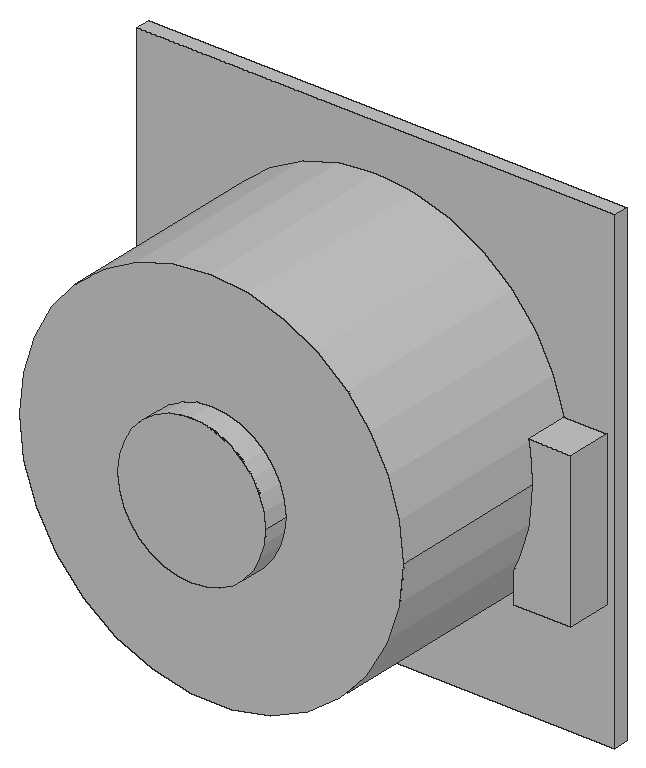
Revit family "ef_eg-20_40ysxc2_a(t)sxc2_b(t)sxc2_d(t)sxc2_csxc2_60Hz", category 機械設備, Revit 2019
Family settings
  丸型コネクタ寸法 = 直径を使用
  パーツ タイプ = 標準
  OmniClass 番号 = 23.75.35.21.17
  OmniClass タイトル = Industrial Ventilating Equipment
  作業面ベース = いいえ
  常に垂直 = はい
  ロード時にボイドで切り取り = はい
  共有 = いいえ
  部屋計算ポイント = はい
Parameters (values of type "EF-20YSXC2")
  騒音レベル(dB(A)) [instance] = 36.5
  風量 [instance] = 設計風量  # 0.0 m³/h
  電源種別 [instance] = ""
  電圧 = 100 V
  電動機出力 = 15 W
  電動機_種別 [instance] = ""
  運転質量 = 0.00 kg
  連動 [instance] = ""
  質量 = if(製品質量 > 運転質量, 製品質量, 運転質量) * 1.2  # 4.32 kg
  負荷分類 = 3_ファン類
  説明 = "産業用有圧換気扇 低騒音形ステンレスタイプ オールステンレスタイプ 排気専用"
  設計風量 [instance] = 0.0 m³/h
  設置方法 = "壁付"
  記号 [instance] = ""
  製造元 = "三菱電機株式会社"
  製品質量 = 3.60 kg
  製品出荷対象 = "国内"
  製品リリース年月 = "2022年6月1日"
  製品グループ = ""
  羽根径 = "∅200"
  レグ_Depth = 147.5 mm
  系統 [instance] = ""
  符号 [instance] = if(☑給気／□排気, "FS", "FE")  # "FE"
  積算_科目 = ""
  積算_拾い区分 [instance] = ""
  相 = 1
  盤記号 [instance] = ""
  盤工事区分 = ""
  発停方法 [instance] = ""
  特殊仕様 [instance] = ""
  火災停止 [instance] = ""
  消費電力 = 28 W
  法定耐用年数 = "15"
  極数 = 2
  極 = 4
  材質 [instance] = ""
  操作・制御方式 = ""
  操作・制御スイッチ = ""
  排気量 [instance] = if(☑給気／□排気, 0.0 m³/h, 設計風量)  # 0.0 m³/h
  形式 = ""
  幹線記号 [instance] = ""
  対象室 [instance] = ""
  実風量 [instance] = 0.0 m³/h
  始動方式 [instance] = "直入"
  外気量 [instance] = if(☑給気／□排気, 設計風量, 0.0 m³/h)  # 0.0 m³/h
  呼称 = "有圧扇"
  周波数 = 60 Hz
  参照している仕様書等のバージョン = ""
  分類コード = "50052503100110"
  分類グループ = ""
  価格 = 136000
  企業コード = "108420"
  付属品_防振装置 = ""
  付属品 [instance] = ""
  仕様書バージョン = "Version1.0"
  レグ_Width = 413 mm
  レグ_Height = 413 mm
  モーター径 = 99 mm
  モデル = "EF-20YSXC2"
  ボックス_Width = 38.1 mm
  ボックス_Height = 102.6 mm
  ボックス_Depth = 39.8 mm
  フレームの厚さ = 10 mm
  ファンの種類 = "軸流羽根"
  コメント [instance] = ""
  Keynote = ""
  オリフィス_Depth = 45 mm
  ☑給気／□排気 [instance] = no
  Width = 320 mm
  Version = ""
  Uniclass2015Version = "Systems v1.9"
  Uniclass2015Title = "Propeller fans"
  Uniclass2015Code = "Pr_65_67_29_67"
  URL = "https://www.mitsubishielectric.co.jp/ldg/wink/ssl/displayProduct.do?pid=319140"
  SpecificationReference = ""
  SpecificationDescription = ""
  Revision = ""
  ProductInformation = ""
  OmniClassCode = "23-33 31 19 11 17"
  MIN風量 = 0.0 m³/h
  MID風量 = 0.0 m³/h
  MAX風量 = 780.0 m³/h
  IfcTypeProduct = ""
  IfcProduct = ""
  IfcExportType = "TUBEAXIAL"
  IfcExportAs = "IfcFanType"
  Height = 320 mm
  オリフィス径 = 257 mm
  Depth = 164 mm
  Box_W = 116.5 mm
  Box_H = 84.2 mm
  Author = "三菱電機株式会社"
Types (11, lengths in mm): name | 騒音レベル(dB(A)) | 電圧 | 電動機出力 | 質量 | 製品質量 | 羽根径 | レグ_Depth | 相 | 消費電力 | 極数 | 極 | 価格 | モーター径 | モデル | ボックス_Width | ボックス_Height | ボックス_Depth | Width | URL | MAX風量 | Height | オリフィス径 | Depth | Box_W | Box_H
  EF-20YSXC2 | 36.5 | 100 V | 15 W | 4.32 kg | 3.60 kg | "∅200" | 147.5 | 1 | 28 W | 2 | 4 | 136000 | 99 | "EF-20YSXC2" | 38.1 | 102.6 | 39.8 | 320 | "https://www.mitsubishielectric.co.jp/ldg/wink/ssl/displayProduct.do?pid=319140" | 780.0 m³/h | 320 | 257 | 164 | 116.5 | 84.2
  EF-25ASXC2 | 39.5 | 100 V | 25 W | 5.28 kg | 4.40 kg | "∅250" | 147.5 | 1 | 49 W | 2 | 4 | 139000 | 99 | "EF-25ASXC2" | 46.1 | 130.6 | 44.8 | 370 | "https://www.mitsubishielectric.co.jp/ldg/wink/ssl/displayProduct.do?pid=319143" | 1260.0 m³/h | 370 | 298 | 164 | 137 | 83.2
  EF-30BSXC2 | 43 | 100 V | 50 W | 6.48 kg | 5.40 kg | "∅300" | 147.5 | 1 | 73 W | 2 | 4 | 188000 | 99 | "EF-30BSXC2" | 46.1 | 130.6 | 44.8 | 420 | "https://www.mitsubishielectric.co.jp/ldg/wink/ssl/displayProduct.do?pid=319154" | 1980.0 m³/h | 420 | 348 | 164 | 162 | 108.2
  EF-40DSXC2 | 53.5 | 100 V | 200 W | 15.00 kg | 12.50 kg | "∅400" | 198.5 | 1 | 190 W | 2 | 4 | 234000 | 113 | "EF-40DSXC2" | 46.7 | 131.4 | 57.8 | 520 | "https://www.mitsubishielectric.co.jp/ldg/wink/ssl/displayProduct.do?pid=318475" | 4360.0 m³/h | 520 | 476 | 225 | 213.3 | 184.8
  EG-40CSXC2 | 44 | 100 V | 100 W | 15.00 kg | 12.50 kg | "∅400" | 212.9 | 1 | 118 W | 2 | 6 | 223000 | 113 | "EG-40CSXC2" | 46.7 | 131.4 | 57.8 | 520 | "https://www.mitsubishielectric.co.jp/ldg/wink/ssl/displayProduct.do?pid=318585" | 3660.0 m³/h | 520 | 476 | 249 | 213.3 | 184.8
  EF-25ATXC2_200V | 40.5 | 200 V | 25 W | 5.76 kg | 4.80 kg | "∅250" | 147.5 | 3 | 40 W | 3 | 4 | 139000 | 99 | "EF-25ATXC2" | 46.1 | 130.6 | 44.8 | 370 | "https://www.mitsubishielectric.co.jp/ldg/wink/ssl/displayProduct.do?pid=319146" | 1260.0 m³/h | 370 | 298 | 164 | 137 | 83.2
  EF-30BTXC2_200V | 43 | 200 V | 50 W | 6.60 kg | 5.50 kg | "∅300" | 147.5 | 3 | 65 W | 3 | 4 | 188000 | 99 | "EF-30BTXC2" | 46.1 | 130.6 | 44.8 | 420 | "https://www.mitsubishielectric.co.jp/ldg/wink/ssl/displayProduct.do?pid=319160" | 1980.0 m³/h | 420 | 348 | 164 | 162 | 108.2
  EF-40DTXC2_200V | 53.5 | 200 V | 200 W | 15.00 kg | 12.50 kg | "∅400" | 198.5 | 3 | 175 W | 3 | 4 | 234000 | 113 | "EF-40DTXC2" | 46.7 | 131.4 | 57.8 | 520 | "https://www.mitsubishielectric.co.jp/ldg/wink/ssl/displayProduct.do?pid=318481" | 4360.0 m³/h | 520 | 476 | 225 | 213.3 | 184.8
  EF-25ATXC2_220V | 40.5 | 220 V | 25 W | 5.76 kg | 4.80 kg | "∅250" | 147.5 | 3 | 42 W | 3 | 4 | 139000 | 99 | "EF-25ATXC2" | 46.1 | 130.6 | 44.8 | 370 | "https://www.mitsubishielectric.co.jp/ldg/wink/ssl/displayProduct.do?pid=319146" | 1260.0 m³/h | 370 | 298 | 164 | 137 | 83.2
  EF-30BTXC2_220V | 44 | 220 V | 50 W | 6.60 kg | 5.50 kg | "∅300" | 147.5 | 3 | 72 W | 3 | 4 | 188000 | 99 | "EF-30BTXC2" | 46.1 | 130.6 | 44.8 | 420 | "https://www.mitsubishielectric.co.jp/ldg/wink/ssl/displayProduct.do?pid=319160" | 1980.0 m³/h | 420 | 348 | 164 | 162 | 108.2
  EF-40DTXC2_220V | 53.5 | 220 V | 200 W | 15.00 kg | 12.50 kg | "∅400" | 198.5 | 3 | 190 W | 3 | 4 | 234000 | 113 | "EF-40DTXC2" | 46.7 | 131.4 | 57.8 | 520 | "https://www.mitsubishielectric.co.jp/ldg/wink/ssl/displayProduct.do?pid=318481" | 4360.0 m³/h | 520 | 476 | 225 | 213.3 | 184.8
Reference planes
  plane 1 "中心(正面/背面)": y = 0
  plane 2: z = 0
  plane 3 "中心(左/右)": x = 0
  plane 4: z = 0
  plane 5: through (212.832, -1524, 243.759) normal (-0.6508, 0, -0.7593)
  plane 6: through (-212.884, -1524, -243.751) normal (0.6508, 0, 0.7593)
  plane 7: through (208.307, -1524, -247.63) normal (-0.6508, 0, 0.7593)
  plane 8: z = 160
  plane 9: z = -160
  plane 10 "左": x = -160
  plane 11 "右": x = 160
  plane 12 "正面": y = -164
  plane 13: y = -10
  plane 14: through (-208.307, -1524, -247.63) normal (-0.6508, 0, -0.7593)
  plane 15: y = 86
  plane 16: y = 186
  plane 17: x = -250
  plane 18: x = 250
  plane 19: y = -39.8
  plane 20: y = -147.5
  plane 21: x = 116.5
  plane 22: x = 154.6
  plane 23: z = 26.8
  plane 24: z = -75.8
Forms (mm)
  Extrusion 1, solid, detail levels fine
    sketch origin (0, 0, 0) x (1, 0, 0) y (0, 1, 0)
      loop
        line (-160, 0) -> (-160, -10) -> (160, -10) -> (160, 0) -> (-160, 0)
    from -160 to 160
  Extrusion 2, solid, detail levels fine
    sketch origin (140, -23.659, 0) x (-1, 0, 0) y (0, 0, -1)
      loop
        circle (140, 0) r 49.5
    from 123.841 to 140.341
  Extrusion 3, solid
    sketch origin (0, -153.783, 0) x (1, 0, 0) y (0, 0, 1)
      loop
        circle (0, 0) r 128.5
    from -143.783 to -6.283
  Extrusion 4, solid
    sketch origin (0, -164, 0) x (0, 0, -1) y (1, 0, 0)
      loop
        line (-26.8, 116.5) -> (75.8, 116.5) -> (75.8, 154.6) -> (-26.8, 154.6) -> (-26.8, 116.5)
    from -154 to -124.2
Cuts and joins
  joined: Extrusion 3, Extrusion 4
Lines and regions (mm)
  Masking region 1, detail levels coarse+medium
    outline origin (0, 0, 0) x (1, 0, 0) y (0, 1, 0)
      loop
        line (-250, -164) -> (250, -164) -> (250, 86) -> (-250, 86) -> (-250, -164)
  Masking region 2, detail levels coarse+medium
    outline origin (0, 0, 0) x (1, 0, 0) y (0, 1, 0)
      loop
        line (-124, 86) -> (124, 86) -> (124, 186) -> (-124, 186) -> (-124, 86)
  symbolic lines, detail levels coarse+medium
    curve 1: circle (124, -163.5, 0) r 115 normal (0, 0, 1)
    curve 2: circle (-124, -163.5, 0) r 115 normal (0, 0, -1)
Dimensions and locks
  level to plane 4 = 0 mm
  equal spacing: plane 8, level, plane 9
  "Depth": plane 12 "正面" to plane 1 "中心(正面/背面)"  (x2)
  "Width": plane 10 "左" to plane 11 "右"
  "Height": plane 8 to plane 9
  "フレームの厚さ": plane 13 to plane 1 "中心(正面/背面)"
  plane 12 "正面" to plane 15 to plane 16 = 250 mm locked, 100 mm locked
  locked: plane 17 to plane 18 at 500
  "レグ_Depth": plane 1 "中心(正面/背面)" to plane 20
  equal spacing: plane 10 "左", plane 3 "中心(左/右)", plane 11 "右"
  "ボックス_Width": plane 22 to plane 21
  "ボックス_Height": plane 23 to plane 24
  "Box_H": plane 24 to plane 9
  "Box_W": plane 21 to plane 3 "中心(左/右)"
  "ボックス_Depth": plane 1 "中心(正面/背面)" to plane 19
  "オリフィス径": diameter of Extrusion 3 sketch curve
  "モーター径": diameter of Extrusion 2 sketch curve
  aligned and locked: level to plane 2
  aligned and locked: Extrusion 1 to plane 8
  aligned and locked: plane 10 "左" to Extrusion 1
  aligned and locked: Extrusion 1 to plane 11 "右"
  aligned and locked: plane 9 to Extrusion 1
  aligned and locked: Extrusion 1 to plane 13
  aligned and locked: Extrusion 1 to plane 1 "中心(正面/背面)"  (x5)
  aligned and locked: plane 12 "正面" to Extrusion 2
  aligned and locked: plane 1 "中心(正面/背面)" to Extrusion 1  (x2)
  aligned and locked: plane 4 to Extrusion 2 sketch curve
  aligned and locked: plane 12 "正面" to Masking region 1 sketch curve
  aligned and locked: Masking region 1 sketch curve to plane 17
  aligned and locked: plane 15 to Masking region 1 sketch curve
  aligned and locked: plane 18 to Masking region 1 sketch curve
  aligned and locked: Masking region 2 sketch curve to plane 15
  aligned and locked: plane 16 to Masking region 2 sketch curve
  aligned and locked: Extrusion 3 to Extrusion 1
  aligned and locked: plane 20 to Extrusion 2
  aligned and locked: Extrusion 3 to plane 20
  aligned and locked: Extrusion 4 sketch curve to plane 23
  aligned and locked: plane 21 to Extrusion 4 sketch curve
  aligned and locked: plane 24 to Extrusion 4 sketch curve
  aligned and locked: Extrusion 4 sketch curve to plane 22
  aligned and locked: plane 13 to Extrusion 4
  aligned and locked: Extrusion 4 to plane 19
Automatic sketch dimensions
  Extrusion 1 sketch curve to plane 10 "左" = 0 mm
  Extrusion 1 sketch curve to plane 11 "右" = 0 mm
  Extrusion 1 sketch curve to plane 13 = 0 mm
  plane 1 "中心(正面/背面)" to Extrusion 1 sketch curve = 0 mm
  Extrusion 3 sketch curve to level = 0 mm
  Extrusion 3 sketch curve to plane 3 "中心(左/右)" = 0 mm
  curve 2 to plane 20 = 16 mm
  curve 1 to plane 20 = 16 mm
  curve 2 to plane 10 "左" = 36 mm
  Masking region 2 sketch curve to plane 10 "左" = 36 mm
  plane 11 "右" to curve 1 = 36 mm
  plane 11 "右" to Masking region 2 sketch curve = 36 mm
  Extrusion 2 sketch curve to plane 3 "中心(左/右)" = 0 mm
  radius of curve 1 = 115 mm
  radius of curve 2 = 115 mm
Connectors
  electrical at (160, -5, 0), driven by "電圧", driven by "負荷分類", driven by "消費電力", driven by "極数"
    settings: on Extrusion 1, index 2, voltage 100 V, apparent load 28 VA, apparent load phase1 0 VA, apparent load phase2 0 VA, apparent load phase3 0 VA, power factor 1, load classification "3_ファン類", number of poles 2, system type 30, power factor state 1, is connector primary yes, connector utility no, sub classification motor no, connector description ""
